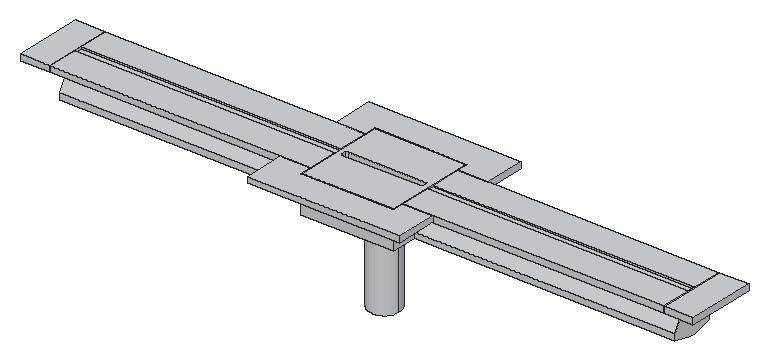
Revit family "RS772KVSchlitzrinne Verdeckt", category Sanitärinstallationen, Revit 2020
Family settings
  Bemaßung runder Anschluss = Durchmesser verwenden
  Teiletyp = Normal
  Arbeitsebenenbasiert = Nein
  Immer vertikal = Ja
  Beim Laden mit Abzugskörper schneiden = Nein
  Gemeinsam genutzt = Nein
  Raumberechnungspunkt = Nein
Parameters
  Übergangsbride [instance] = no
  Zarge rechts [instance] = no
  Zarge links [instance] = no
  Zarge Höhe [instance] = 50 mm
  Vorgabe-Ansicht = 0 mm
  Verbindungsbügel [instance] = L Links + L Rechts  # 1000 mm
  URL = "https://www.resitec.ch/"
  Tragstab 30mm [instance] = yes
  Tragstab 25mm [instance] = no
  Tragstab 20mm [instance] = no
  Rost innen ref [instance] = Rinnen Breite innen - 2 mm  # 10 mm
  Rinnen Tiefe [instance] = 60 mm
  Rinnen Breite rechts [instance] = 500 mm
  Rinnen Breite links [instance] = 500 mm
  Rinnen Breite innen [instance] = 12 mm
  Rechts [instance] = yes
  RS_s002 = 1.8 mm  # constant formula
  RS_s001 = 3 mm  # constant formula
  RS_rechtsKR [instance] = if(Zarge rechts, L Rechts + RS_s002, L Rechts + RS_KR)  # 547.5 mm
  RS_min80 [instance] = if(Rinnen Tiefe < 60 mm, 60 mm, Rinnen Tiefe)  # 60 mm
  RS_linksKR [instance] = if(Zarge links, L Links + RS_s002, L Links + RS_KR)  # 547.5 mm
  RS_hts [instance] = if(Tragstab 20mm, 1 mm, if(Tragstab 25mm, 2 mm, if(Tragstab 30mm, 3 mm, 3 mm)))  # 3 mm
  RS_gefun [instance] = 60 mm
  RS_gefob [instance] = 40 mm
  RS_dpschon [instance] = yes
  RS_dimmin95 [instance] = 100 mm
  RS_dimk001 = 115 mm  # constant formula
  RS_dim001 = 10 mm  # constant formula
  RS_dim002 [instance] = if(RS_hts = 1 mm, 20 mm + 2 mm, if(RS_hts = 2 mm, 25 mm + 2 mm, if(RS_hts = 3 mm, 30 mm + 2 mm, 32 mm)))  # 32 mm
  RS_dim003 [instance] = if(Rinnen Tiefe < RS_dim002, RS_dim002 + RS_s002, Rinnen Tiefe)  # 60 mm
  RS_dia002 = 110 mm
  RS_dia001 = 151 mm
  RS_breite Rand [instance] = 50 mm  # constant formula
  RS_ZargRon [instance] = and(Rechts, Zarge rechts)  # no
  RS_ZargLon [instance] = and(Links, Zarge links)  # no
  RS_RohrL [instance] = if(Länge Rohr < RS_gefun, ((RS_gefun + 10 mm) - RS_gefob), Länge Rohr)  # 200 mm
  RS_RinneRon [instance] = Rechts  # yes
  RS_RinneLon [instance] = Links  # yes
  RS_KRvorne [instance] = (Breite Aussen ref / 2) + RS_KR  # 103.5 mm
  RS_KRr [instance] = and(Rechts, Kleberand)  # yes
  RS_KRon [instance] = Kleberand  # yes
  RS_KRl [instance] = and(Links, Kleberand)  # yes
  RS_KRhinten [instance] = (Breite Aussen ref / 2) + RS_KR  # 103.5 mm
  RS_KR [instance] = 47.5 mm  # constant formula
  RS_HZarge [instance] = Zarge Höhe  # 50 mm
  RS_DN2 = 0 mm
  RS_DN1d [instance] = D  # 48.5 mm
  RS_DN1 = 100 mm  # constant formula
  RS_URL = "https://resitec.ch/entwaesserungstechnik/entwaesserungsrinnen/rinnen/"
  RS_Rost_Typ [instance] = ""
  RS_Manufacture = "Resitec"  # constant formula
  RS_Description [instance] = "mit Gefälle"
  RS_Articelnumber [instance] = "Entwässerungsrinne"
  Länge Rohr [instance] = 200 mm
  Links [instance] = yes
  L Rechts Innen ref [instance] = L Rechts - RS_breite Rand  # 450 mm
  L Rechts [instance] = Rinnen Breite rechts  # 500 mm
  L Links innen ref [instance] = L Links - RS_breite Rand  # 450 mm
  L Links [instance] = Rinnen Breite links  # 500 mm
  Kleberand [instance] = yes
  Hersteller = RS_Manufacture  # "Resitec"
  D [instance] = 48.5 mm
  Breite Innen ref [instance] = 12 mm  # constant formula
  Breite Aussen ref [instance] = Rinnen Breite innen + (2 * RS_breite Rand)  # 112 mm
  Description = ""
  Baugruppenkennzeichen = "D2030300"
  Anschlusswert DU L/s = 0
Reference planes
  plane 1 "Mitte (Vorne/hinten)": y = 0
  plane 2: z = 0
  plane 3 "Mitte (Links/rechts)": x = 0
  plane 4: x = -500
  plane 5: x = 500
  plane 6: y = 6
  plane 7: y = -6
  plane 8: y = 56
  plane 9: y = -56
  plane 10: x = -450
  plane 11: x = 450
  plane 12 "ebeneKBlech": z = -10
  plane 13 "lvdim002": z = -32
  plane 14: y = 57.5
  plane 15: y = -57.5
  plane 16: y = 103.5
  plane 17: x = 547.5
  plane 18: y = -103.5
  plane 19: x = -547.5
  plane 20: z = -200
  plane 21: x = -449
  plane 22: y = -5
  plane 23: x = 449
  plane 24: y = 5
  plane 25: z = -60
  plane 26 "0001": x = -75.5
  plane 27: y = -75.5
  plane 28: y = 75.5
  plane 29: x = 75.5
  plane 30: x = -73.7
  plane 31: y = -73.7
  plane 32: y = 73.7
  plane 33: x = 73.7
  plane 34: y = 72.7
  plane 35: x = 72.7
  plane 36: y = -72.7
  plane 37: x = -72.7
  plane 38: y = 123
  plane 39: x = 123
  plane 40: y = -123
  plane 41: x = -123
  plane 42: y = 5
  plane 43: y = -5
  plane 44 "min80": z = -60
  plane 45: z = 50
Forms (mm)
  Extrusion 1, solid
    sketch origin (0, 0, -40) x (-1, 0, 0) y (0, -1, 0)
      loop
        circle (0, 0) r 24.25
    from 8 to -160
  Extrusion 2, solid, visible <- "RS_KRon"
    sketch origin (0, 0, -10) x (-1, 0, 0) y (0, -1, 0)
      loop
        line (123, -123) -> (123, -56) -> (75.5, -56) -> (75.5, -75.5) -> (-75.5, -75.5) -> (-75.5, -56) -> (-123, -56) -> (-123, -123) -> (123, -123)
      loop
        line (123, 123) -> (-123, 123) -> (-123, 56) -> (-75.5, 56) -> (-75.5, 75.5) -> (75.5, 75.5) -> (75.5, 56) -> (123, 56) -> (123, 123)
    from 10 to 0.006
  Extrusion 3, solid
    sketch origin (0, 0, 0) x (1, 0, 0) y (0, 1, 0)
      loop
        line (-73.7, 73.7) -> (-73.7, -73.7) -> (73.7, -73.7) -> (73.7, 73.7) -> (-73.7, 73.7)
      loop
        arc (-63.7, 6) -> (-65.821, 5.121) -> (-66.7, 3) r 3
        line (-66.7, 3) -> (-66.7, -2.997)
        arc (-66.7, -2.997) -> (-65.82, -5.12) -> (-63.697, -6) r 3.003
        line (-63.697, -6) -> (63.667, -6)
        arc (63.667, -6) -> (65.812, -5.112) -> (66.7, -2.967) r 3.033
        line (66.7, -2.967) -> (66.7, 2.995)
        arc (66.7, 2.995) -> (65.82, 5.12) -> (63.695, 6) r 3.005
        line (63.695, 6) -> (-63.7, 6)
    from 0 to -10
  Extrusion 4, solid
    sketch origin (-75.5, 270.325, 1200) x (0, 1, 0) y (0, 0, 1)
      loop
        line (-194.825, -1210) -> (-345.825, -1210) -> (-345.825, -1260) -> (-194.825, -1260) -> (-194.825, -1210)
    from 0 to 151
  Extrusion 5, solid, visible <- "RS_RinneRon"
    sketch origin (0, 0, -10) x (-1, 0, 0) y (0, -1, 0)
      loop
        line (-75.5, -56) -> (-75.5, -6) -> (-498.2, -6) -> (-498.2, 6) -> (-75.5, 6) -> (-75.5, 56) -> (-500, 56) -> (-500, -56) -> (-75.5, -56)
    from 0 to 10
  Extrusion 6, solid, visible <- "RS_RinneLon"
    sketch origin (0, 0, -10) x (1, 0, 0) y (0, 1, 0)
      loop
        line (-75.5, 56) -> (-500, 56) -> (-500, -56) -> (-75.5, -56) -> (-75.5, -6) -> (-498.2, -6) -> (-498.2, 6) -> (-75.5, 6) -> (-75.5, 56)
    from 0 to 10
  Extrusion 7, solid, visible <- "RS_RinneRon"
    sketch origin (75.5, 270.325, 1208) x (0, 1, 0) y (0, 0, -1)
      loop
        line (-264.325, 1210) -> (-235.325, 1257.053) -> (-235.325, 1267.053) -> (-264.325, 1275) -> (-276.325, 1275) -> (-305.325, 1267.053) -> (-305.325, 1257.053) -> (-276.325, 1210) -> (-264.325, 1210)
    from 0 to -424.5
  Extrusion 8, solid, visible <- "RS_RinneLon"
    sketch origin (-75.5, 270.325, 1208) x (0, 1, 0) y (0, 0, 1)
      loop
        line (-264.325, -1210) -> (-276.325, -1210) -> (-305.325, -1257.053) -> (-305.325, -1267.053) -> (-276.325, -1275) -> (-264.325, -1275) -> (-235.325, -1267.053) -> (-235.325, -1257.053) -> (-264.325, -1210)
    from 0 to -424.5
  Extrusion 9, solid, visible <- "RS_RinneLon"
    sketch origin (0, 0, 0) x (1, 0, 0) y (0, 1, 0)
      loop
        line (-547.5, 56) -> (-547.5, -56) -> (-500, -56) -> (-500, 56) -> (-547.5, 56)
    from -10 to 0
  Extrusion 10, solid, visible <- "RS_RinneRon"
    sketch origin (2050, 0, 0) x (1, 0, 0) y (0, 1, 0)
      loop
        line (-1550, 56) -> (-1550, -56) -> (-1502.5, -56) -> (-1502.5, 56) -> (-1550, 56)
    from -10 to 0
  Extrusion 11, solid, visible <- "Zarge links"
    sketch origin (0, 0, 0) x (1, 0, 0) y (0, 1, 0)
      loop
        line (-547.5, 56) -> (-547.5, -56) -> (-545.7, -56) -> (-545.7, 56) -> (-547.5, 56)
    from 50 to 0
  Extrusion 12, solid, visible <- "Zarge rechts"
    sketch origin (0, 0, 0) x (1, 0, 0) y (0, 1, 0)
      loop
        line (547.5, 56) -> (545.7, 56) -> (545.7, -56) -> (547.5, -56) -> (547.5, 56)
    from 50 to 0
Dimensions and locks
  equal spacing: plane 7, plane 1 "Mitte (Vorne/hinten)", plane 6
  "L Links": plane 4 to plane 3 "Mitte (Links/rechts)"
  "L Rechts": plane 3 "Mitte (Links/rechts)" to plane 5
  "Breite Innen ref": plane 6 to plane 7
  equal spacing: plane 9, plane 1 "Mitte (Vorne/hinten)", plane 8
  "Breite Aussen ref": plane 8 to plane 9
  "L Links innen ref": plane 10 to plane 3 "Mitte (Links/rechts)"
  "L Rechts Innen ref": plane 3 "Mitte (Links/rechts)" to plane 11
  "RS_dim001": level to plane 12 "ebeneKBlech"
  "RS_dim002": level to plane 13 "lvdim002"
  equal spacing: plane 15, plane 1 "Mitte (Vorne/hinten)", plane 14
  "RS_dimk001": plane 14 to plane 15
  "RS_linksKR": plane 19 to plane 3 "Mitte (Links/rechts)"
  "RS_rechtsKR": plane 3 "Mitte (Links/rechts)" to plane 17
  "RS_KRhinten": plane 1 "Mitte (Vorne/hinten)" to plane 16
  "RS_KRvorne": plane 18 to plane 1 "Mitte (Vorne/hinten)"
  locked: plane 24 to plane 6 at 1
  locked: plane 10 to plane 21 at 1
  locked: plane 23 to plane 11 at 1
  locked: plane 22 to plane 7 at 1
  "RS_dim003": level to plane 25
  "Länge Rohr": level to plane 20
  equal spacing: plane 27, plane 1 "Mitte (Vorne/hinten)", plane 28
  equal spacing: plane 26 "0001", plane 3 "Mitte (Links/rechts)", plane 29
  "RS_dia001": plane 26 "0001" to plane 29
  "RS_dia001": plane 28 to plane 27
  "RS_s002": plane 28 to plane 32
  "RS_s002": plane 33 to plane 29
  "RS_s002": plane 31 to plane 27
  "RS_s002": plane 26 "0001" to plane 30
  locked: plane 30 to plane 37 at 1
  locked: plane 35 to plane 33 at 1
  locked: plane 32 to plane 34 at 1
  locked: plane 36 to plane 31 at 1
  "RS_KR": plane 41 to plane 26 "0001"
  "RS_KR": plane 29 to plane 39
  "RS_KR": plane 38 to plane 28
  "RS_KR": plane 27 to plane 40
  equal spacing: plane 42, plane 1 "Mitte (Vorne/hinten)", plane 43
  "Rost innen ref": plane 42 to plane 43
  "RS_min80": level to plane 44 "min80"
  Extrusion 4 sketch curve to Extrusion 4 sketch curve = 151 mm
  equal spacing: Extrusion 4 sketch curve, plane 1 "Mitte (Vorne/hinten)", Extrusion 4 sketch curve
  "RS_s002": Extrusion 5 sketch curve to plane 5
  plane 12 "ebeneKBlech" to Extrusion 7 sketch curve = 39.053 mm  (x2)
  plane 12 "ebeneKBlech" to Extrusion 7 sketch curve = 49.053 mm  (x2)
  equal spacing: Extrusion 7 sketch curve, plane 1 "Mitte (Vorne/hinten)", Extrusion 7 sketch curve
  Extrusion 7 sketch curve to Extrusion 7 sketch curve = 70 mm
  plane 12 "ebeneKBlech" to Extrusion 7 sketch curve = 57 mm
  plane 12 "ebeneKBlech" to Extrusion 7 = 57 mm  (x2)
  plane 12 "ebeneKBlech" to Extrusion 8 sketch curve = 49.053 mm  (x2)
  plane 12 "ebeneKBlech" to Extrusion 8 sketch curve = 39.053 mm  (x2)
  equal spacing: Extrusion 7, plane 1 "Mitte (Vorne/hinten)", Extrusion 7
  Extrusion 7 to Extrusion 7 = 70 mm
  Extrusion 7 to plane 12 "ebeneKBlech" = 57 mm
  plane 12 "ebeneKBlech" to Extrusion 8 sketch curve = 57 mm
  equal spacing: Extrusion 8 sketch curve, plane 1 "Mitte (Vorne/hinten)", Extrusion 8 sketch curve
  Extrusion 8 sketch curve to Extrusion 8 sketch curve = 70 mm
  plane 37 to Extrusion 3 sketch curve = 6 mm
  Extrusion 3 sketch curve to plane 35 = 6 mm
  locked: Extrusion 5 to Extrusion 2 at 9.994
  "RS_s002": plane 19 to Extrusion 11 sketch curve
  "RS_s002": plane 19 to Extrusion 11
  "RS_s002": Extrusion 12 sketch curve to plane 17
  "RS_s002": Extrusion 12 to plane 17
  "RS_HZarge": plane 45 to level
  "RS_DN1d": diameter of Extrusion 1 sketch curve
  angle Extrusion 7 sketch curve to Extrusion 7 sketch curve = 63.2927°
  angle Extrusion 7 sketch curve to Extrusion 7 sketch curve = 149.352°
  angle Extrusion 7 to Extrusion 7 = 149.352°
  angle Extrusion 7 to Extrusion 7 = 63.2927°
  locked: Extrusion 7 to Extrusion 7 (angle 63.2927°)
  locked: Extrusion 7 to Extrusion 7 (angle 149.352°)
  angle Extrusion 8 sketch curve to Extrusion 8 sketch curve = 63.2927°
  angle Extrusion 8 sketch curve to Extrusion 8 sketch curve = 149.352°
  aligned and locked: level to plane 2
  aligned and locked: Extrusion 1 to plane 20
  aligned and locked: plane 13 "lvdim002" to Extrusion 1
  aligned and locked: Extrusion 2 sketch curve to plane 38
  aligned and locked: Extrusion 2 sketch curve to plane 39
  aligned and locked: Extrusion 2 sketch curve to plane 41
  aligned and locked: Extrusion 3 to plane 12 "ebeneKBlech"
  aligned and locked: level to Extrusion 3
  aligned and locked: plane 44 "min80" to Extrusion 4 sketch curve
  aligned and locked: plane 29 to Extrusion 4
  aligned and locked: Extrusion 5 sketch curve to plane 8
  aligned and locked: plane 29 to Extrusion 5 sketch curve  (x2)
  aligned and locked: plane 9 to Extrusion 5 sketch curve
  aligned and locked: plane 6 to Extrusion 5 sketch curve
  aligned and locked: Extrusion 5 sketch curve to plane 7
  aligned and locked: Extrusion 5 sketch curve to plane 5
  aligned and locked: level to Extrusion 5
  aligned and locked: Extrusion 5 to plane 12 "ebeneKBlech"
  aligned and locked: level to Extrusion 6
  aligned and locked: Extrusion 6 to plane 12 "ebeneKBlech"
  aligned and locked: plane 26 "0001" to Extrusion 6
  aligned and locked: Extrusion 6 to plane 4
  aligned and locked: Extrusion 7 to plane 29
  aligned and locked: plane 5 to Extrusion 7
  aligned and locked: plane 26 "0001" to Extrusion 8
  aligned and locked: Extrusion 8 to plane 4
  aligned and locked: plane 40 to Extrusion 2 sketch curve
  aligned and locked: plane 41 to Extrusion 2 sketch curve
  aligned and locked: plane 9 to Extrusion 2 sketch curve
  aligned and locked: plane 39 to Extrusion 2 sketch curve
  aligned and locked: level to Extrusion 2
  aligned and locked: Extrusion 9 to plane 12 "ebeneKBlech"
  aligned and locked: Extrusion 2 sketch curve to plane 9
  aligned and locked: Extrusion 2 sketch curve to plane 8  (x2)
  aligned and locked: Extrusion 2 sketch curve to plane 28
  aligned and locked: plane 27 to Extrusion 2 sketch curve
  aligned and locked: plane 30 to Extrusion 3 sketch curve
  aligned and locked: Extrusion 3 sketch curve to plane 33
  aligned and locked: Extrusion 4 to plane 27
  aligned and locked: Extrusion 11 to plane 19
  aligned and locked: Extrusion 11 to plane 9
  aligned and locked: plane 8 to Extrusion 11
  aligned and locked: plane 17 to Extrusion 12
  aligned and locked: plane 8 to Extrusion 12
  aligned and locked: Extrusion 12 to plane 9
  aligned and locked: plane 45 to Extrusion 12
  aligned and locked: Extrusion 12 to level
  aligned and locked: plane 45 to Extrusion 11
  aligned and locked: Extrusion 11 to level
Automatic sketch dimensions
  Extrusion 4 sketch curve to plane 12 "ebeneKBlech" = 0 mm
  Extrusion 6 sketch curve to plane 4 = 0 mm
  Extrusion 6 sketch curve to plane 6 = 0 mm
  Extrusion 6 sketch curve to plane 7 = 0 mm
  Extrusion 6 sketch curve to plane 26 "0001" = 0 mm  (x2)
  Extrusion 6 sketch curve to plane 8 = 0 mm
  Extrusion 6 sketch curve to plane 9 = 0 mm
  Extrusion 6 sketch curve to plane 4 = 1.8 mm
  Extrusion 7 sketch curve to plane 7 = 0 mm  (x2)
  Extrusion 7 sketch curve to plane 6 = 0 mm
  Extrusion 8 sketch curve to plane 7 = 0 mm  (x2)
  Extrusion 8 sketch curve to plane 6 = 0 mm
  Extrusion 9 sketch curve to plane 9 = 0 mm
  Extrusion 9 sketch curve to plane 19 = 0 mm
  Extrusion 9 sketch curve to plane 4 = 0 mm
  Extrusion 9 sketch curve to plane 8 = 0 mm
  Extrusion 10 sketch curve to plane 5 = 0 mm
  Extrusion 10 sketch curve to plane 9 = 0 mm
  Extrusion 10 sketch curve to plane 17 = 0 mm
  Extrusion 10 sketch curve to plane 8 = 0 mm
  Extrusion 2 sketch curve to plane 29 = 0 mm  (x2)
  Extrusion 2 sketch curve to plane 26 "0001" = 0 mm  (x2)
  Extrusion 3 sketch curve to plane 6 = 0 mm
  Extrusion 3 sketch curve to plane 7 = 0 mm
  Extrusion 3 sketch curve to plane 31 = 0 mm
  plane 32 to Extrusion 3 sketch curve = 0 mm
  Extrusion 3 sketch curve to Extrusion 3 sketch curve = 3 mm
  plane 22 to Extrusion 3 sketch curve = 2.003 mm
  plane 22 to Extrusion 3 sketch curve = 2.033 mm
  plane 24 to Extrusion 3 sketch curve = 2.005 mm
  Extrusion 11 sketch curve to plane 9 = 0 mm
  Extrusion 11 sketch curve to plane 19 = 0 mm
  Extrusion 11 sketch curve to plane 8 = 0 mm
  Extrusion 12 sketch curve to plane 9 = 0 mm
  Extrusion 12 sketch curve to plane 17 = 0 mm
  Extrusion 12 sketch curve to plane 8 = 0 mm
  plane 1 "Mitte (Vorne/hinten)" to Extrusion 1 sketch curve = 0 mm
  Extrusion 1 sketch curve to plane 3 "Mitte (Links/rechts)" = 0 mm
